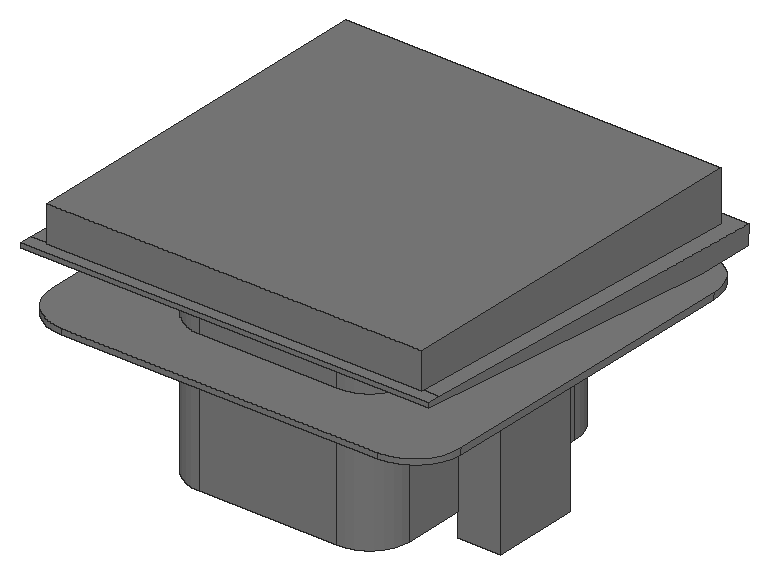
Revit family "Gira_012866", category Electrical Fixtures, host Face, Revit 2017
Family settings
  Host = Face
  Maintain Annotation Orientation = Yes
  Round Connector Dimension = Use Diameter
  Part Type = Normal
  Cut with Voids When Loaded = No
  Shared = No
  Room Calculation Point = No
Parameters (values of type "Tastschalter Wechselsch. 2f Gira TX_44 (WG UP) Reinweiß")
  Zusammenstellung = "Basiselement mit zentraler Abdeckplatte"
  Werkstoffgüte = "sonstige"
  Werkstoff = "sonstige"
  Waschmaschinenschalter = "No"
  URL = "http://katalog.gira.de/de_DE/datenblatt.html?artikelnr=012866"
  Textfeld/Beschriftungsfläche = "nein"
  Tastschalter = "Yes"
  Schaltungsart = "Wechsel-/Wechselschalter"
  Rückmeldekontakt = "No"
  Region = "DE"
  Oberfläche = "sonstige"
  Nennspannung = "250 Volt"
  Name = "Tastschalter Wechselsch. 2f Gira TX_44 (WG UP) Reinweiß"
  Montageart = "unter Putz"
  Mit Montageplatte = "No"
  Manufacturer URL = "https://www.gira.de/"
  Keynote = "TX44_Komplettgerät_Schalten und Tasten"
  HeinzeBIM = "https://bimportal.heinze.de/bim/tastschalter-wechselsch-2f-gira-tx-44-wg-up-reinweiss/d33c233c25545457dacc075e1f6edd0ac3e0638c"
  Halogenfrei = "Yes"
  HAN = "012866"
  Geeignet für Schutzart (IP) = "IP44"
  GTIN = "4010337128663"
  Farbe = "weiß"
  Default Elevation = 1219.2 mm
  Data sheet (1) = "https://katalog.gira.de/de_DE/download.html?artikelnr=012866"
  Category = "Installationsschalter"
  Bemessungsstrom = "10 Ampere"
  Beleuchtung = "nein"
  Befestigungsart = "Krallen-/Schraubbefestigung"
  Bedienungsart = "Wippe/Taste"
  Available = "Yes"
  Anzahl der Module (bei Modulbauweise) = "1 "
  Anzahl der Betätigungswippen = "2 "
  Anschlussart = "Steckklemme"
Reference planes
  plane 1 "Center (Front/Back)": y = 0
  plane 2 "Reference Level 0": z = 0
  plane 3 "Center (Left/Right)": x = 0
  plane 4: z = -28.6
Forms (mm)
  Extrusion 1, solid, material "Default", detail levels fine
    sketch origin (0, 0, 0) x (1, 0, 0) y (0, 1, 0)
      loop
        line (-32.604, 32.5) -> (-32.604, -32.5) -> (32.735, -32.5) -> (32.735, 32.5) -> (-32.604, 32.5)
    from 0 to 12.3
  Extrusion 2, solid, material "Default", detail levels fine
    sketch origin (0, 0, 0) x (0, 1, 0) y (0, 0, 1)
      loop
        line (35, 3.483) -> (-32.2, 6) -> (-34.55, 6) -> (-34.536, 5.199) -> (24.886, 0) -> (34.939, 0) -> (35, 3.483)
    from -35.5 to 35.5
  Extrusion 3, void
    sketch origin (0, 0, 0) x (0, 1, 0) y (0, 0, 1)
      loop
        line (42.419, 3.205) -> (-32.2, 6) -> (-42.193, 6) -> (-42.193, -11.826) -> (42.419, -11.826) -> (42.419, 3.205)
    from -64.194 to 61.264
  Extrusion 4, solid, material "Default", detail levels fine
    sketch origin (0, 0, 0) x (1, 0, 0) y (0, 1, 0)
      loop
        arc (35.5, 27.5) -> (33.157, 33.157) -> (27.5, 35.5) r 8
        line (27.5, 35.5) -> (-27.5, 35.5)
        arc (-27.5, 35.5) -> (-33.157, 33.157) -> (-35.5, 27.5) r 8
        line (-35.5, 27.5) -> (-35.5, -27.5)
        arc (-35.5, -27.5) -> (-33.157, -33.157) -> (-27.5, -35.5) r 8
        line (-27.5, -35.5) -> (27.5, -35.5)
        arc (27.5, -35.5) -> (33.157, -33.157) -> (35.5, -27.5) r 8
        line (35.5, -27.5) -> (35.5, 27.5)
    from -4.1 to -5.1
  Extrusion 5, solid, material "Default", detail levels fine
    sketch origin (0, 0, 0) x (1, 0, 0) y (0, 1, 0)
      loop
        arc (-12, 25) -> (-16.95, 22.95) -> (-19, 18) r 7
        line (-19, 18) -> (-19, -18)
        arc (-19, -18) -> (-16.95, -22.95) -> (-12, -25) r 7
        line (-12, -25) -> (12, -25)
        arc (12, -25) -> (16.95, -22.95) -> (19, -18) r 7
        line (19, -18) -> (19, 18)
        arc (19, 18) -> (16.95, 22.95) -> (12, 25) r 7
        line (12, 25) -> (-12, 25)
    from 4.692 to -28.6
  Extrusion 6, solid, material "Default", detail levels fine
    sketch origin (0, 0, 0) x (1, 0, 0) y (0, 1, 0)
      loop
        line (-26.5, -7.5) -> (-19, -7.5) -> (-19, 7.5) -> (-26.5, 7.5) -> (-26.5, -7.5)
    from -5.1 to -32.6
  Extrusion 7, solid, material "Default", detail levels fine
    sketch origin (0, 0, 0) x (-1, 0, 0) y (0, -1, 0)
      loop
        line (-26.5, 7.5) -> (-26.5, -7.5) -> (-19, -7.5) -> (-19, 7.5) -> (-26.5, 7.5)
    from -5.1 to -32.6
  Extrusion 8, solid, material "Default", detail levels medium
    sketch origin (0, 0, 0) x (1, 0, 0) y (0, 1, 0)
      loop
        line (-32.604, 32.5) -> (-32.604, -32.5) -> (32.735, -32.5) -> (32.735, 32.5) -> (-32.604, 32.5)
    from 0 to 12.3
  Extrusion 9, solid, material "Default", detail levels medium
    sketch origin (0, 0, 0) x (0, 1, 0) y (0, 0, 1)
      loop
        line (35, 3.483) -> (-32.2, 6) -> (-34.55, 6) -> (-34.445, 0) -> (34.939, 0) -> (35, 3.483)
    from -35.5 to 35.5
  Extrusion 10, solid, material "Default", detail levels medium
    sketch origin (0, 0, 0) x (1, 0, 0) y (0, 1, 0)
      loop
        line (-26.5, 25) -> (-26.5, -25) -> (26.5, -25) -> (26.5, 25) -> (-26.5, 25)
    from 4.692 to -32.6
  Extrusion 11, solid, material "Default", detail levels medium
    sketch origin (0, 0, 0) x (1, 0, 0) y (0, 1, 0)
      loop
        line (35.5, 35.5) -> (-35.5, 35.5) -> (-35.5, -35.5) -> (35.5, -35.5) -> (35.5, 35.5)
    from -4.1 to -5.1
  Extrusion 12, solid, material "Default", detail levels coarse
    sketch origin (0, 0, 0) x (1, 0, 0) y (0, 1, 0)
      loop
        line (35.5, 35.5) -> (-35.5, 35.5) -> (-35.5, -35.5) -> (35.5, -35.5) -> (35.5, 35.5)
    from -32.6 to 12.3
Cuts and joins
  Extrusion 3 cuts Extrusion 1
  joined: Extrusion 1, Extrusion 2, Extrusion 4, Extrusion 5, Extrusion 6, Extrusion 7
Dimensions and locks
  Extrusion 12 to Extrusion 12 = 44.9 mm
  aligned and locked: plane 2 "Reference Level 0" to host face
  aligned and locked: level to host face
  aligned and locked: plane 3 "Center (Left/Right)" to nested 1
  aligned and locked: plane 1 "Center (Front/Back)" to nested 1
Nested families
  nested 1: "Schalter" at (0, 0, 0), type "Schalter"
Connectors
  electrical at (0, 0, -32.6)
    settings: on Extrusion 12, index 1, voltage 220 V, apparent load 0 VA, apparent load phase1 0 VA, apparent load phase2 0 VA, apparent load phase3 0 VA, power factor 1, load classification "Other", number of poles 1, system type 30, power factor state 1, is connector primary yes, connector utility no, sub classification motor no, connector description ""
Definition of nested family "Schalter"
  Reference planes
    plane 1: y = 0
    plane 2: x = 0
  Lines and regions (mm)
    detail lines
      curve 1: circle (1.375, 2.778, 0) r 0.8 normal (0, 0, 1)
      curve 2: line (1.021, 2.061, 0) -> (0, 0, 0)
      curve 3: line (0, 0, 0) -> (-0.538, 0.266, 0)
  Dimensions and locks
    curve 2 to curve 2 = 2.3 mm
    curve 3 to curve 2 = 0.6 mm
    radius of curve 1 = 0.8 mm
